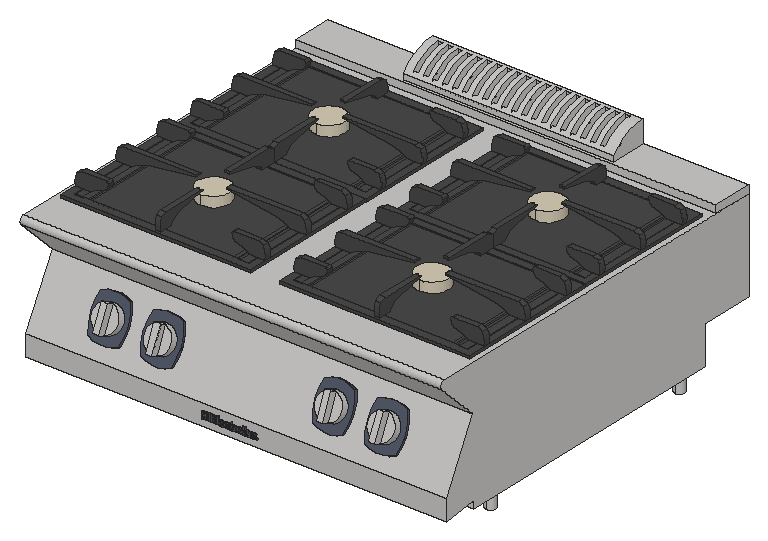
Revit family "QF_ELECTROLUXPROFESSIONAL_371001_E7GCGH4C00", category Specialty Equipment, Revit 2018
Family settings
  Round Connector Dimension = Use Diameter
  Part Type = Normal
  Work Plane-Based = No
  Always vertical = Yes
  Cut with Voids When Loaded = No
  Shared = No
  Room Calculation Point = No
Parameters
  Width = 800 mm  # constant formula
  Weight in Pounds = 88  # constant formula
  Watts = 0 W
  URL Cutsheet = "www.electrolux.com"
  URL = "www.electrolux.com"
  Type Mark [instance] = ""
  Status [instance] = ""
  Specification by User [instance] = ""
  Specification by Manufacturer = ""
  Show Logo [instance] = yes
  Show Clearance [instance] = yes
  Serial Number = ""
  Seismic Rating = ""
  SMACNA No = ""
  Revision Code [instance] = ""
  Omniclass Number and Title = ""
  NAFEM Spec ID Number = ""
  Model = "371001"
  Mechanical Remarks [instance] = ""
  Mechanical Connection Type [instance] = ""
  Masterspec = ""
  Manufacturer = "ELECTROLUX"
  Item Number [instance] = ""
  Installed By [instance] = ""
  Identify Quantity as Lot [instance] = yes
  Height = 250.8 mm  # constant formula
  HP = "0 HP"
  Gas Size = 12.7 mm  # 1/2"
  Gas RI Height [instance] = 0 mm
  Gas KW [instance] = 22  # constant formula
  Gas Input [instance] = 21979.7 VA  # 74998.0 Btu/h
  Gas Connection Height = 0 mm
  Furnished By [instance] = ""
  Foodservice Equipment Identifier [instance] = yes
  Direct Waste Size = 0"
  Description = "700XP 4-Burner Gas Boiling Top"
  Depth = 730 mm  # constant formula
  CSI MasterFormat = ""
  CSI Master Format = ""
  Assembly Code = ""
Reference planes
  plane 1 "BACK": y = 0
  plane 2: z = 0
  plane 3 "LEFT": x = 0
  plane 4 "RIGHT": x = 800
  plane 5 "FRONT": y = -730
  plane 6 "TOP": z = 303.188
  plane 7 "Center Y": x = 400
  plane 8 "Center X": y = -365
  plane 9 "Base Height": z = 23.813
  plane 10: z = 274.613
  plane 11: z = 331.787
Forms (mm)
  Extrusion 1, solid, material "QF_Finishes_Stainless Steel"
    sketch origin (0, 0, 0) x (0, 1, 0) y (0, 0, 1)
      loop
        line (0, 98.425) -> (0, 274.612) -> (-721.5, 274.612)
        arc (-721.5, 274.612) -> (-729.472, 269.285) -> (-727.602, 259.881) r 8.63
        line (-727.602, 259.881) -> (-654.039, 186.318) -> (-715.962, 68.584) -> (-715.962, 30.162) -> (-655.839, 38.612)
        arc (-655.839, 38.612) -> (-653.314, 37.864) -> (-652.222, 35.468) r 3.175
        line (-652.222, 35.468) -> (-652.222, 23.813) -> (-103.188, 23.813) -> (-103.188, 98.425) -> (0, 98.425)
    from 0 to 800
  Extrusion 2, solid, material "QF_Finishes_Stainless Steel"
    sketch origin (0, 0, 0) x (0, 1, 0) y (0, 0, 1)
      loop
        line (0, 274.612) -> (0, 288.9) -> (-76.2, 288.9) -> (-76.2, 274.612) -> (0, 274.612)
    from 0 to 800
  Extrusion 3, solid, material "QF_Finishes_Stainless Steel"
    sketch origin (0, 0, 0) x (1, 0, 0) y (0, 1, 0)
      loop
        circle (11.112, -149.225) r 9.525
      loop
        circle (788.888, -149.225) r 9.525
      loop
        circle (11.112, -598.488) r 9.525
      loop
        circle (788.888, -598.488) r 9.525
    from 0 to 23.812
  Extrusion 4, solid, material "QF_Finishes_Stainless Steel"
    sketch origin (0, -103.188, 23.813) x (0, 0, 1) y (1, 0, 0)
      loop
        circle (36.513, 400) r 6.35
    from 0 to 26.988
  Extrusion 5, solid, material "QF_Finishes_Navy Blue", visible <- "Show Logo"
    sketch origin (47.249, -715.962, 35.665) x (0, 0, 1) y (-1, 0, 0)
      loop
        line (20.674, -296.698) -> (8.307, -296.698)
        arc (8.307, -296.698) -> (14.491, -301.27) -> (20.674, -296.698) r 6.467
      loop
        arc (20.674, -296.069) -> (19.505, -290.926) -> (14.849, -288.448) r 6.338
        line (14.849, -288.448) -> (14.849, -290.494)
        arc (14.849, -290.494) -> (16.333, -294.149) -> (19.778, -296.069) r 5.941
        line (19.778, -296.069) -> (20.674, -296.069)
      loop
        arc (9.203, -296.069) -> (12.648, -294.149) -> (14.132, -290.494) r 5.941
        line (14.132, -290.494) -> (14.132, -288.448)
        arc (14.132, -288.448) -> (9.438, -290.922) -> (8.148, -296.069) r 6.504
        line (8.148, -296.069) -> (9.203, -296.069)
      loop
        line (21.349, -287.979) -> (7.604, -287.979) -> (7.604, -301.742) -> (21.349, -301.742) -> (21.349, -287.979)
      loop
        arc (21.432, -304.71) -> (21.085, -304.352) -> (20.718, -304.69) r 0.358
        arc (20.718, -304.69) -> (20.404, -305.44) -> (19.687, -305.825) r 1.216
        line (19.687, -305.825) -> (9.274, -305.825)
        arc (9.274, -305.825) -> (8.614, -305.548) -> (8.218, -304.951) r 1.238
        arc (8.218, -304.951) -> (7.823, -304.7) -> (7.518, -305.054) r 0.358
        line (7.518, -305.054) -> (7.518, -314.933) -> (10.269, -314.933) -> (10.269, -314.036)
        arc (10.269, -314.036) -> (9.36, -313.456) -> (8.904, -312.479) r 1.928
        line (8.904, -312.479) -> (8.904, -309.98)
        arc (8.904, -309.98) -> (9.18, -309.251) -> (9.868, -308.887) r 1.101
        line (9.868, -308.887) -> (13.955, -308.887) -> (13.955, -312.561)
        arc (13.955, -312.561) -> (13.602, -313.058) -> (13.037, -313.286) r 1.083
        arc (13.037, -313.286) -> (12.773, -313.591) -> (13.065, -313.869) r 0.292
        line (13.065, -313.869) -> (16.028, -313.869)
        arc (16.028, -313.869) -> (16.33, -313.596) -> (16.092, -313.266) r 0.305
        arc (16.092, -313.266) -> (15.601, -313.018) -> (15.296, -312.561) r 1.083
        line (15.296, -312.561) -> (15.296, -308.887) -> (19.973, -308.887) -> (19.973, -312.635)
        arc (19.973, -312.635) -> (19.759, -313.39) -> (19.153, -313.888) r 1.314
        arc (19.153, -313.888) -> (18.934, -314.292) -> (19.288, -314.585) r 0.361
        line (19.288, -314.585) -> (21.432, -314.585) -> (21.432, -304.71)
      loop
        arc (20.715, -315.365) -> (20.335, -316.284) -> (19.416, -316.664) r 1.299
        line (19.416, -316.664) -> (9.837, -316.664)
        arc (9.837, -316.664) -> (8.999, -316.286) -> (8.728, -315.408) r 1.118
        line (8.728, -315.408) -> (7.518, -315.408) -> (7.518, -320.758) -> (8.706, -320.758)
        arc (8.706, -320.758) -> (8.978, -319.841) -> (9.848, -319.445) r 1.153
        line (9.848, -319.445) -> (21.92, -319.445) -> (20.715, -315.365)
      loop
        line (12.483, -323.394) -> (12.483, -329.842) -> (13.282, -329.842)
        arc (13.282, -329.842) -> (15.862, -328.857) -> (17.131, -326.404) r 3.874
        line (17.131, -326.404) -> (17.131, -324.643)
        arc (17.131, -324.643) -> (15.944, -321.778) -> (13.08, -320.592) r 4.051
        line (13.08, -320.592) -> (11.072, -320.592)
        arc (11.072, -320.592) -> (8.253, -322.077) -> (7.202, -325.084) r 4.352
        arc (7.202, -325.084) -> (7.566, -327.547) -> (8.943, -329.621) r 5.713
        line (8.943, -329.621) -> (9.892, -329.621)
        arc (9.892, -329.621) -> (9.16, -328.052) -> (8.943, -326.334) r 5.579
        arc (8.943, -326.334) -> (9.737, -324.371) -> (11.616, -323.394) r 3.057
        line (11.616, -323.394) -> (12.483, -323.394)
      loop
        line (13.742, -323.394) -> (13.742, -326.977)
        arc (13.742, -326.977) -> (15.199, -327.024) -> (16.082, -325.864) r 1.59
        line (16.082, -325.864) -> (16.082, -325.034)
        arc (16.082, -325.034) -> (15.217, -323.779) -> (13.742, -323.394) r 2.184
      loop
        arc (16.533, -339.259) -> (17.022, -337.585) -> (17.179, -335.848) r 9.023
        line (17.179, -335.848) -> (17.179, -334.486)
        arc (17.179, -334.486) -> (16.02, -331.686) -> (13.22, -330.527) r 3.959
        line (13.22, -330.527) -> (10.62, -330.527)
        arc (10.62, -330.527) -> (8.338, -331.819) -> (7.221, -334.192) r 4.331
        line (7.221, -334.192) -> (7.221, -336.327)
        arc (7.221, -336.327) -> (7.729, -337.877) -> (8.651, -339.223) r 5.772
        arc (8.651, -339.223) -> (9.412, -339.274) -> (9.499, -338.515) r 0.553
        arc (9.499, -338.515) -> (9.111, -337.781) -> (8.977, -336.962) r 2.573
        line (8.977, -336.962) -> (8.977, -335.447)
        arc (8.977, -335.447) -> (9.983, -333.806) -> (11.798, -333.163) r 2.884
        line (11.798, -333.163) -> (13.077, -333.163)
        arc (13.077, -333.163) -> (14.898, -333.723) -> (15.824, -335.388) r 2.554
        line (15.824, -335.388) -> (15.824, -336.441)
        arc (15.824, -336.441) -> (15.493, -337.369) -> (14.836, -338.104) r 2.564
        arc (14.836, -338.104) -> (14.614, -338.821) -> (15.223, -339.259) r 0.643
        line (15.223, -339.259) -> (16.533, -339.259)
      loop
        line (15.515, -339.53) -> (15.515, -341.031) -> (9.467, -341.031)
        arc (9.467, -341.031) -> (7.879, -341.688) -> (7.221, -343.276) r 2.246
        line (7.221, -343.276) -> (7.221, -344.86)
        arc (7.221, -344.86) -> (7.535, -345.725) -> (8.035, -346.496) r 4.06
        arc (8.035, -346.496) -> (8.768, -346.629) -> (9.019, -345.928) r 0.576
        arc (9.019, -345.928) -> (8.913, -345.403) -> (8.977, -344.87) r 1.69
        arc (8.977, -344.87) -> (9.519, -344.082) -> (10.425, -343.779) r 1.506
        line (10.425, -343.779) -> (15.563, -343.779) -> (15.563, -346.176) -> (16.119, -346.733) -> (16.941, -346.733) -> (16.941, -343.873) -> (20.172, -343.873) -> (15.515, -339.53)
      loop
        line (7.438, -347.63) -> (7.438, -353.017) -> (8.548, -353.017)
        arc (8.548, -353.017) -> (8.942, -352.066) -> (9.893, -351.672) r 1.345
        line (9.893, -351.672) -> (13.509, -351.672)
        arc (13.509, -351.672) -> (14.274, -352.264) -> (14.564, -353.186) r 1.615
        line (14.564, -353.186) -> (14.564, -354.742) -> (17.119, -355.427) -> (17.119, -354.044) -> (15.177, -351.485) -> (17.057, -351.485) -> (16.773, -348.779)
        arc (16.773, -348.779) -> (16.333, -348.249) -> (15.674, -348.45) r 0.621
        arc (15.674, -348.45) -> (15.274, -348.792) -> (14.78, -348.975) r 1.501
        line (14.78, -348.975) -> (9.893, -348.975)
        arc (9.893, -348.975) -> (8.942, -348.581) -> (8.548, -347.63) r 1.345
        line (8.548, -347.63) -> (7.438, -347.63)
      loop
        line (13.54, -354.964) -> (10.848, -354.964)
        arc (10.848, -354.964) -> (8.403, -356.272) -> (7.269, -358.803) r 4.288
        arc (7.269, -358.803) -> (7.205, -360.183) -> (7.269, -361.563) r 15.022
        arc (7.269, -361.563) -> (8.403, -364.094) -> (10.848, -365.401) r 4.288
        line (10.848, -365.401) -> (13.54, -365.401)
        arc (13.54, -365.401) -> (15.986, -364.094) -> (17.119, -361.563) r 4.288
        arc (17.119, -361.563) -> (17.183, -360.183) -> (17.119, -358.803) r 15.022
        arc (17.119, -358.803) -> (15.986, -356.272) -> (13.54, -354.964) r 4.288
      loop
        line (13.745, -358.078) -> (10.643, -358.078)
        arc (10.643, -358.078) -> (8.486, -360.235) -> (10.643, -362.392) r 2.157
        line (10.643, -362.392) -> (13.745, -362.392)
        arc (13.745, -362.392) -> (15.902, -360.235) -> (13.745, -358.078) r 2.157
      loop
        arc (20.726, -365.26) -> (20.355, -366.154) -> (19.461, -366.524) r 1.264
        line (19.461, -366.524) -> (9.597, -366.524)
        arc (9.597, -366.524) -> (8.727, -366.127) -> (8.455, -365.211) r 1.153
        line (8.455, -365.211) -> (7.518, -365.211) -> (7.518, -370.319) -> (8.446, -370.319)
        arc (8.446, -370.319) -> (8.805, -369.547) -> (9.597, -369.232) r 1.153
        line (9.597, -369.232) -> (21.92, -369.232) -> (20.726, -365.26)
      loop
        arc (15.846, -369.857) -> (15.647, -370.921) -> (14.678, -371.403) r 1.215
        line (14.678, -371.403) -> (9.658, -371.403)
        arc (9.658, -371.403) -> (8.043, -372.051) -> (7.322, -373.634) r 2.338
        line (7.322, -373.634) -> (7.322, -375.148)
        arc (7.322, -375.148) -> (7.497, -376.152) -> (7.999, -377.038) r 2.979
        line (7.999, -377.038) -> (7.518, -378.835) -> (7.518, -380.524) -> (16.943, -380.524) -> (16.649, -376.32) -> (15.863, -376.32)
        arc (15.863, -376.32) -> (15.507, -377.156) -> (14.755, -377.665) r 1.605
        line (14.755, -377.665) -> (9.652, -377.665)
        arc (9.652, -377.665) -> (9.232, -376.728) -> (9.159, -375.704) r 2.94
        arc (9.159, -375.704) -> (9.72, -374.603) -> (10.873, -374.16) r 1.724
        line (10.873, -374.16) -> (17.07, -374.16) -> (15.846, -369.857)
      loop
        line (16.874, -381.377) -> (15.202, -383.423) -> (12.028, -385.729) -> (8.572, -382.617)
        arc (8.572, -382.617) -> (8.335, -382.223) -> (8.357, -381.764) r 0.789
        line (8.357, -381.764) -> (7.518, -381.764) -> (7.518, -385.309) -> (8.344, -385.309)
        arc (8.344, -385.309) -> (8.686, -384.947) -> (9.176, -385.039) r 0.52
        line (9.176, -385.039) -> (10.976, -386.51) -> (8.858, -387.886)
        arc (8.858, -387.886) -> (8.457, -387.576) -> (8.37, -387.076) r 0.7
        line (8.37, -387.076) -> (7.518, -387.076) -> (7.518, -393.003) -> (8.405, -393.003)
        arc (8.405, -393.003) -> (8.472, -392.344) -> (8.866, -391.813) r 1.247
        line (8.866, -391.813) -> (13.066, -388.532) -> (15.513, -390.585) -> (16.874, -392.327) -> (16.874, -388.604) -> (15.389, -389.026) -> (13.868, -387.749) -> (15.568, -386.559) -> (16.874, -387.336) -> (16.874, -381.377)
    from 0 to 1.644
  Extrusion 6, solid, material "QF_Finishes_Clearance", visible <- "Show Clearance", detail levels coarse
    sketch origin (0, 0, 0) x (1, 0, 0) y (0, 1, 0)
      loop
        line (0, -730) -> (0, 0) -> (800, 0) -> (800, -730) -> (950, -730) -> (950, 150) -> (-150, 150) -> (-150, -730) -> (0, -730)
    from 0 to 331.787
  Extrusion 7, solid, material "QF_Finishes_Navy Blue"
    sketch origin (-402.256, -713.772, 69.003) x (0, 0.418102, 0.9084) y (-1, 0, 0)
      loop
        arc (102.623, -510.47) -> (67.041, -502.846) -> (31.333, -509.853) r 90.5
        arc (31.333, -509.853) -> (24.507, -539.04) -> (31.333, -568.228) r 65.817
        arc (31.333, -568.228) -> (67.04, -575.188) -> (102.623, -567.615) r 91.066
        arc (102.623, -567.615) -> (109.179, -539.043) -> (102.623, -510.47) r 65.546
    from 0 to 3.175
  Extrusion 8, solid, material "QF_Finishes_Stainless Steel"
    sketch origin (-23.506, -717.485, 68.529) x (0, 0.418102, 0.9084) y (-1, 0, 0)
      loop
        circle (68.826, -160.963) r 25.4
    from 0 to 12.7
  Extrusion 9, solid, material "QF_Finishes_Stainless Steel"
    sketch origin (-23.506, -729.022, 73.839) x (0, 0.418102, 0.9084) y (-1, 0, 0)
      loop
        arc (93.558, -166.749) -> (94.226, -160.963) -> (93.558, -155.177) r 25.4
        line (93.558, -155.177) -> (44.094, -155.177)
        arc (44.094, -155.177) -> (43.426, -160.963) -> (44.094, -166.749) r 25.4
        line (44.094, -166.749) -> (93.558, -166.749)
    from 0 to 12.7
  Extrusion 10, solid, material "QF_Finishes_Navy Blue"
    sketch origin (-302.256, -713.772, 69.003) x (0, 0.418102, 0.9084) y (-1, 0, 0)
      loop
        arc (102.623, -510.47) -> (67.041, -502.846) -> (31.333, -509.853) r 90.5
        arc (31.333, -509.853) -> (24.507, -539.04) -> (31.333, -568.228) r 65.817
        arc (31.333, -568.228) -> (67.04, -575.188) -> (102.623, -567.615) r 91.066
        arc (102.623, -567.615) -> (109.179, -539.043) -> (102.623, -510.47) r 65.546
    from 0 to 3.175
  Extrusion 11, solid, material "QF_Finishes_Stainless Steel"
    sketch origin (76.494, -717.485, 68.529) x (0, 0.418102, 0.9084) y (-1, 0, 0)
      loop
        circle (68.826, -160.963) r 25.4
    from 0 to 12.7
  Extrusion 12, solid, material "QF_Finishes_Stainless Steel"
    sketch origin (76.494, -729.022, 73.839) x (0, 0.418102, 0.9084) y (-1, 0, 0)
      loop
        arc (93.558, -166.749) -> (94.226, -160.963) -> (93.558, -155.177) r 25.4
        line (93.558, -155.177) -> (44.094, -155.177)
        arc (44.094, -155.177) -> (43.426, -160.963) -> (44.094, -166.749) r 25.4
        line (44.094, -166.749) -> (93.558, -166.749)
    from 0 to 12.7
  Extrusion 13, void
    sketch origin (234.989, 0, 288.925) x (-1, 0, 0) y (0, -1, 0)
      loop
        line (-335.017, 6.761) -> (-335.017, 63.911) -> (-344.313, 63.911) -> (-344.313, 6.761) -> (-335.017, 6.761)
      loop
        line (-316.325, 6.761) -> (-316.325, 63.911) -> (-325.62, 63.911) -> (-325.62, 6.761) -> (-316.325, 6.761)
      loop
        line (-297.632, 6.761) -> (-297.632, 63.911) -> (-306.928, 63.911) -> (-306.928, 6.761) -> (-297.632, 6.761)
      loop
        line (-278.94, 6.761) -> (-278.94, 63.911) -> (-288.235, 63.911) -> (-288.235, 6.761) -> (-278.94, 6.761)
      loop
        line (-260.247, 6.761) -> (-260.247, 63.911) -> (-269.543, 63.911) -> (-269.543, 6.761) -> (-260.247, 6.761)
      loop
        line (-241.554, 6.761) -> (-241.554, 63.911) -> (-250.85, 63.911) -> (-250.85, 6.761) -> (-241.554, 6.761)
      loop
        line (-222.862, 6.761) -> (-222.862, 63.911) -> (-232.157, 63.911) -> (-232.157, 6.761) -> (-222.862, 6.761)
      loop
        line (-204.169, 6.761) -> (-204.169, 63.911) -> (-213.465, 63.911) -> (-213.465, 6.761) -> (-204.169, 6.761)
      loop
        line (-185.476, 6.761) -> (-185.476, 63.911) -> (-194.772, 63.911) -> (-194.772, 6.761) -> (-185.476, 6.761)
      loop
        line (-166.784, 6.761) -> (-166.784, 63.911) -> (-176.08, 63.911) -> (-176.08, 6.761) -> (-166.784, 6.761)
      loop
        line (-148.091, 6.761) -> (-148.091, 63.911) -> (-157.387, 63.911) -> (-157.387, 6.761) -> (-148.091, 6.761)
      loop
        line (-129.399, 6.761) -> (-129.399, 63.911) -> (-138.694, 63.911) -> (-138.694, 6.761) -> (-129.399, 6.761)
      loop
        line (-110.706, 6.761) -> (-110.706, 63.911) -> (-120.002, 63.911) -> (-120.002, 6.761) -> (-110.706, 6.761)
      loop
        line (-92.013, 6.761) -> (-92.013, 63.911) -> (-101.309, 63.911) -> (-101.309, 6.761) -> (-92.013, 6.761)
      loop
        line (-73.321, 6.761) -> (-73.321, 63.911) -> (-82.617, 63.911) -> (-82.617, 6.761) -> (-73.321, 6.761)
      loop
        line (-54.628, 6.761) -> (-54.628, 63.911) -> (-63.924, 63.911) -> (-63.924, 6.761) -> (-54.628, 6.761)
      loop
        line (-35.936, 6.761) -> (-35.936, 63.911) -> (-45.231, 63.911) -> (-45.231, 6.761) -> (-35.936, 6.761)
      loop
        line (-17.243, 6.761) -> (-17.243, 63.911) -> (-26.539, 63.911) -> (-26.539, 6.761) -> (-17.243, 6.761)
      loop
        line (1.45, 6.761) -> (1.45, 63.911) -> (-7.846, 63.911) -> (-7.846, 6.761) -> (1.45, 6.761)
      loop
        line (20.142, 6.761) -> (20.142, 63.911) -> (10.846, 63.911) -> (10.846, 6.761) -> (20.142, 6.761)
    from 9.525 to 45.348
  Extrusion 14, solid, material "QF_Finishes_Stainless Steel"
    sketch origin (200, 0, 14.288) x (0, 1, 0) y (0, 0, 1)
      loop
        line (0, 274.613) -> (0, 317.5)
        arc (0, 317.5) -> (-38.885, 309.109) -> (-69.85, 284.137) r 86.116
        line (-69.85, 284.137) -> (-69.85, 274.613) -> (0, 274.613)
    from 0 to 400
  Extrusion 15, solid, material "QF_Finishes_Navy Blue"
    sketch origin (1202.256, -713.772, 69.003) x (0, 0.418102, 0.9084) y (-1, 0, 0)
      loop
        arc (102.623, 510.47) -> (109.179, 539.043) -> (102.623, 567.615) r 65.546
        arc (102.623, 567.615) -> (67.04, 575.188) -> (31.333, 568.228) r 91.066
        arc (31.333, 568.228) -> (24.507, 539.04) -> (31.333, 509.853) r 65.817
        arc (31.333, 509.853) -> (67.041, 502.846) -> (102.623, 510.47) r 90.5
    from 0 to 3.175
  Extrusion 16, solid, material "QF_Finishes_Stainless Steel"
    sketch origin (1581.006, -717.485, 68.529) x (0, 0.418102, 0.9084) y (-1, 0, 0)
      loop
        circle (68.826, 918.463) r 25.4
    from 0 to 12.7
  Extrusion 17, solid, material "QF_Finishes_Stainless Steel"
    sketch origin (1581.006, -729.022, 73.839) x (0, 0.418102, 0.9084) y (-1, 0, 0)
      loop
        line (93.558, 924.249) -> (44.094, 924.249)
        arc (44.094, 924.249) -> (43.426, 918.463) -> (44.094, 912.677) r 25.4
        line (44.094, 912.677) -> (93.558, 912.677)
        arc (93.558, 912.677) -> (94.226, 918.463) -> (93.558, 924.249) r 25.4
    from 0 to 12.7
  Extrusion 18, solid, material "QF_Finishes_Navy Blue"
    sketch origin (1102.256, -713.772, 69.003) x (0, 0.418102, 0.9084) y (-1, 0, 0)
      loop
        arc (102.623, 510.47) -> (109.179, 539.043) -> (102.623, 567.615) r 65.546
        arc (102.623, 567.615) -> (67.04, 575.188) -> (31.333, 568.228) r 91.066
        arc (31.333, 568.228) -> (24.507, 539.04) -> (31.333, 509.853) r 65.817
        arc (31.333, 509.853) -> (67.041, 502.846) -> (102.623, 510.47) r 90.5
    from 0 to 3.175
  Extrusion 19, solid, material "QF_Finishes_Stainless Steel"
    sketch origin (1481.006, -717.485, 68.529) x (0, 0.418102, 0.9084) y (-1, 0, 0)
      loop
        circle (68.826, 918.463) r 25.4
    from 0 to 12.7
  Extrusion 20, solid, material "QF_Finishes_Stainless Steel"
    sketch origin (1481.006, -729.022, 73.839) x (0, 0.418102, 0.9084) y (-1, 0, 0)
      loop
        line (93.558, 924.249) -> (44.094, 924.249)
        arc (44.094, 924.249) -> (43.426, 918.463) -> (44.094, 912.677) r 25.4
        line (44.094, 912.677) -> (93.558, 912.677)
        arc (93.558, 912.677) -> (94.226, 918.463) -> (93.558, 924.249) r 25.4
    from 0 to 12.7
Cuts and joins
  Extrusion 13 cuts Extrusion 6
  Extrusion 13 cuts Extrusion 14
Lines and regions (mm)
  symbolic lines
    curve 1: line (0, -730.129, 0) -> (800, -730.129, 0)
    curve 2: line (0, 0, 0) -> (0, -730.129, 0)
    curve 3: line (800, 0, 0) -> (0, 0, 0)
    curve 4: line (800, -730.129, 0) -> (800, 0, 0)
    curve 5: line (0, -76.2, 0) -> (800, -76.2, 0)
    curve 6: line (0, -69.85, 0) -> (800, -69.85, 0)
    curve 7: line (0, -715.962, 0) -> (800, -715.963, 0)
    curve 11: line (214.847, -63.911, 0) -> (214.847, -6.761, 0)
    curve 12: line (214.847, -6.761, 0) -> (224.143, -6.761, 0)
    curve 13: line (224.143, -6.761, 0) -> (224.143, -63.911, 0)
    curve 14: line (224.143, -63.911, 0) -> (214.847, -63.911, 0)
    curve 15: line (233.539, -63.911, 0) -> (233.539, -6.761, 0)
    curve 16: line (233.539, -6.761, 0) -> (242.835, -6.761, 0)
    curve 17: line (242.835, -6.761, 0) -> (242.835, -63.911, 0)
    curve 18: line (242.835, -63.911, 0) -> (233.539, -63.911, 0)
    curve 19: line (252.232, -63.911, 0) -> (252.232, -6.761, 0)
    curve 20: line (252.232, -6.761, 0) -> (261.528, -6.761, 0)
    curve 21: line (261.528, -6.761, 0) -> (261.528, -63.911, 0)
    curve 22: line (261.528, -63.911, 0) -> (252.232, -63.911, 0)
    curve 23: line (270.925, -63.911, 0) -> (270.925, -6.761, 0)
    curve 24: line (270.925, -6.761, 0) -> (280.22, -6.761, 0)
    curve 25: line (280.22, -6.761, 0) -> (280.22, -63.911, 0)
    curve 26: line (280.22, -63.911, 0) -> (270.925, -63.911, 0)
    curve 27: line (289.617, -63.911, 0) -> (289.617, -6.761, 0)
    curve 28: line (289.617, -6.761, 0) -> (298.913, -6.761, 0)
    curve 29: line (298.913, -6.761, 0) -> (298.913, -63.911, 0)
    curve 30: line (298.913, -63.911, 0) -> (289.617, -63.911, 0)
    curve 31: line (308.31, -63.911, 0) -> (308.31, -6.761, 0)
    curve 32: line (308.31, -6.761, 0) -> (317.606, -6.761, 0)
    curve 33: line (317.606, -6.761, 0) -> (317.606, -63.911, 0)
    curve 34: line (317.606, -63.911, 0) -> (308.31, -63.911, 0)
    curve 35: line (327.002, -63.911, 0) -> (327.002, -6.761, 0)
    curve 36: line (327.002, -6.761, 0) -> (336.298, -6.761, 0)
    curve 37: line (336.298, -6.761, 0) -> (336.298, -63.911, 0)
    curve 38: line (336.298, -63.911, 0) -> (327.002, -63.911, 0)
    curve 39: line (345.695, -63.911, 0) -> (345.695, -6.761, 0)
    curve 40: line (345.695, -6.761, 0) -> (354.991, -6.761, 0)
    curve 41: line (354.991, -6.761, 0) -> (354.991, -63.911, 0)
    curve 42: line (354.991, -63.911, 0) -> (345.695, -63.911, 0)
    curve 43: line (364.388, -63.911, 0) -> (364.388, -6.761, 0)
    curve 44: line (364.388, -6.761, 0) -> (373.683, -6.761, 0)
    curve 45: line (373.683, -6.761, 0) -> (373.683, -63.911, 0)
    curve 46: line (373.683, -63.911, 0) -> (364.388, -63.911, 0)
    curve 47: line (383.08, -63.911, 0) -> (383.08, -6.761, 0)
    curve 48: line (383.08, -6.761, 0) -> (392.376, -6.761, 0)
    curve 49: line (392.376, -6.761, 0) -> (392.376, -63.911, 0)
    curve 50: line (392.376, -63.911, 0) -> (383.08, -63.911, 0)
    curve 51: line (401.773, -63.911, 0) -> (401.773, -6.761, 0)
    curve 52: line (401.773, -6.761, 0) -> (411.069, -6.761, 0)
    curve 53: line (411.069, -6.761, 0) -> (411.069, -63.911, 0)
    curve 54: line (411.069, -63.911, 0) -> (401.773, -63.911, 0)
    curve 55: line (420.466, -63.911, 0) -> (420.466, -6.761, 0)
    curve 56: line (420.466, -6.761, 0) -> (429.761, -6.761, 0)
    curve 57: line (429.761, -6.761, 0) -> (429.761, -63.911, 0)
    curve 58: line (429.761, -63.911, 0) -> (420.466, -63.911, 0)
    curve 59: line (439.158, -63.911, 0) -> (439.158, -6.761, 0)
    curve 60: line (439.158, -6.761, 0) -> (448.454, -6.761, 0)
    curve 61: line (448.454, -6.761, 0) -> (448.454, -63.911, 0)
    curve 62: line (448.454, -63.911, 0) -> (439.158, -63.911, 0)
    curve 63: line (570.006, -63.911, 0) -> (570.006, -6.761, 0)
    curve 64: line (570.006, -6.761, 0) -> (579.302, -6.761, 0)
    curve 65: line (579.302, -6.761, 0) -> (579.302, -63.911, 0)
    curve 66: line (579.302, -63.911, 0) -> (570.006, -63.911, 0)
    curve 67: line (551.314, -63.911, 0) -> (551.314, -6.761, 0)
    curve 68: line (551.314, -6.761, 0) -> (560.61, -6.761, 0)
    curve 69: line (560.61, -6.761, 0) -> (560.61, -63.911, 0)
    curve 70: line (560.61, -63.911, 0) -> (551.314, -63.911, 0)
    curve 71: line (532.621, -63.911, 0) -> (532.621, -6.761, 0)
    curve 72: line (532.621, -6.761, 0) -> (541.917, -6.761, 0)
    curve 73: line (541.917, -6.761, 0) -> (541.917, -63.911, 0)
    curve 74: line (541.917, -63.911, 0) -> (532.621, -63.911, 0)
    curve 75: line (513.929, -63.911, 0) -> (513.929, -6.761, 0)
    curve 76: line (513.929, -6.761, 0) -> (523.224, -6.761, 0)
    curve 77: line (523.224, -6.761, 0) -> (523.224, -63.911, 0)
    curve 78: line (523.224, -63.911, 0) -> (513.929, -63.911, 0)
    curve 79: line (495.236, -63.911, 0) -> (495.236, -6.761, 0)
    curve 80: line (495.236, -6.761, 0) -> (504.532, -6.761, 0)
    curve 81: line (504.532, -6.761, 0) -> (504.532, -63.911, 0)
    curve 82: line (504.532, -63.911, 0) -> (495.236, -63.911, 0)
    curve 83: line (476.543, -63.911, 0) -> (476.543, -6.761, 0)
    curve 84: line (476.543, -6.761, 0) -> (485.839, -6.761, 0)
    curve 85: line (485.839, -6.761, 0) -> (485.839, -63.911, 0)
    curve 86: line (485.839, -63.911, 0) -> (476.543, -63.911, 0)
    curve 87: line (457.851, -63.911, 0) -> (457.851, -6.761, 0)
    curve 88: line (457.851, -6.761, 0) -> (467.146, -6.761, 0)
    curve 89: line (467.146, -6.761, 0) -> (467.146, -63.911, 0)
    curve 90: line (467.146, -63.911, 0) -> (457.851, -63.911, 0)
  symbolic lines, style "QF-Clearances", visible <- "Show Clearance", detail levels coarse
    curve 8: line (-150, -730, 0) -> (-150, 150, 0)
    curve 9: line (-150, 150, 0) -> (950, 150, 0)
    curve 10: line (950, 150, 0) -> (950, -730, 0)
Dimensions and locks
  equal spacing: plane 3 "LEFT", plane 7 "Center Y", plane 4 "RIGHT"
  "Width": plane 3 "LEFT" to plane 4 "RIGHT"
  equal spacing: plane 5 "FRONT", plane 8 "Center X", plane 1 "BACK"
  "Depth": plane 5 "FRONT" to plane 1 "BACK"
  plane 9 "Base Height" to level = 23.812 mm
  "Height": plane 10 to plane 9 "Base Height"
  plane 6 "TOP" to plane 10 = 28.575 mm
  plane 11 to level = 331.788 mm
  aligned and locked: level to plane 2
Automatic sketch dimensions
  plane 5 "FRONT" to curve 8 = 0 mm
  curve 2 to plane 3 "LEFT" = 0 mm
  curve 5 to plane 4 "RIGHT" = 0 mm
  plane 5 "FRONT" to curve 10 = 0 mm
  plane 1 "BACK" to curve 3 = 0 mm
  curve 8 to plane 3 "LEFT" = 150 mm
  plane 1 "BACK" to curve 14 = 63.911 mm
  curve 14 to plane 7 "Center Y" = 185.153 mm
  curve 11 to curve 12 = 9.296 mm
  curve 12 to curve 16 = 9.397 mm
  curve 15 to curve 17 = 9.296 mm
  curve 17 to curve 22 = 9.397 mm
  curve 19 to curve 21 = 9.296 mm
  curve 20 to curve 23 = 9.397 mm
  curve 23 to curve 25 = 9.296 mm
  curve 24 to curve 27 = 9.397 mm
  curve 27 to curve 30 = 9.296 mm
  curve 29 to curve 31 = 9.397 mm
  curve 31 to curve 33 = 9.296 mm
  curve 33 to curve 38 = 9.397 mm
  curve 35 to curve 38 = 9.296 mm
  curve 37 to curve 42 = 9.397 mm
  curve 39 to curve 41 = 9.296 mm
  curve 40 to curve 43 = 9.397 mm
  curve 43 to curve 45 = 9.296 mm
  curve 44 to curve 48 = 9.397 mm
  curve 49 to plane 7 "Center Y" = 7.624 mm
  plane 7 "Center Y" to curve 54 = 1.773 mm
  curve 51 to curve 53 = 9.296 mm
  curve 52 to curve 56 = 9.397 mm
  curve 55 to curve 57 = 9.296 mm
  curve 56 to curve 59 = 9.397 mm
  curve 59 to curve 60 = 9.296 mm
  curve 60 to curve 87 = 9.397 mm
  curve 87 to curve 88 = 9.296 mm
  curve 88 to curve 84 = 9.397 mm
  curve 83 to curve 85 = 9.296 mm
  curve 84 to curve 80 = 9.397 mm
  curve 79 to curve 82 = 9.296 mm
  curve 81 to curve 78 = 9.397 mm
  curve 75 to curve 77 = 9.296 mm
  curve 77 to curve 71 = 9.397 mm
  curve 71 to curve 73 = 9.296 mm
  curve 73 to curve 67 = 9.397 mm
  curve 67 to curve 68 = 9.296 mm
  curve 68 to curve 63 = 9.397 mm
  curve 63 to curve 66 = 9.296 mm
  plane 4 "RIGHT" to curve 10 = 150 mm
  plane 5 "FRONT" to curve 2 = 0.129 mm
  curve 7 to plane 5 "FRONT" = 14.038 mm
  plane 1 "BACK" to curve 5 = 76.2 mm
  curve 5 to curve 6 = 6.35 mm
  plane 1 "BACK" to curve 87 = 63.911 mm
  curve 89 to curve 86 = 0 mm
  curve 85 to curve 82 = 0 mm
  curve 81 to curve 78 = 0 mm
  curve 13 to curve 15 = 0 mm
  curve 77 to curve 74 = 0 mm
  curve 17 to curve 19 = 0 mm
  curve 73 to curve 70 = 0 mm
  curve 21 to curve 23 = 0 mm
  curve 69 to curve 66 = 0 mm
  curve 25 to curve 27 = 0 mm
  curve 62 to curve 87 = 0 mm
  curve 29 to curve 31 = 0 mm
  curve 58 to curve 59 = 0 mm
  curve 33 to curve 35 = 0 mm
  curve 54 to curve 55 = 0 mm
  curve 37 to curve 39 = 0 mm
  curve 50 to curve 51 = 0 mm
  curve 41 to curve 43 = 0 mm
  plane 1 "BACK" to curve 45 = 6.761 mm
  plane 1 "BACK" to curve 47 = 6.761 mm
  plane 1 "BACK" to curve 41 = 6.761 mm
  plane 1 "BACK" to curve 51 = 6.761 mm
  plane 1 "BACK" to curve 37 = 6.761 mm
  plane 1 "BACK" to curve 55 = 6.761 mm
  plane 1 "BACK" to curve 33 = 6.761 mm
  plane 1 "BACK" to curve 59 = 6.761 mm
  plane 1 "BACK" to curve 29 = 6.761 mm
  plane 1 "BACK" to curve 63 = 6.761 mm
  plane 1 "BACK" to curve 25 = 6.761 mm
  plane 1 "BACK" to curve 67 = 6.761 mm
  plane 1 "BACK" to curve 21 = 6.761 mm
  plane 1 "BACK" to curve 71 = 6.761 mm
  plane 1 "BACK" to curve 17 = 6.761 mm
  plane 1 "BACK" to curve 75 = 6.761 mm
  plane 1 "BACK" to curve 13 = 6.761 mm
  plane 1 "BACK" to curve 79 = 6.761 mm
  plane 1 "BACK" to curve 89 = 6.761 mm
  plane 1 "BACK" to curve 83 = 6.761 mm
  curve 9 to plane 1 "BACK" = 150 mm
  Extrusion 1 sketch curve to plane 10 = 0 mm
  Extrusion 1 sketch curve to plane 9 "Base Height" = 0 mm
  Extrusion 1 sketch curve to plane 1 "BACK" = 0 mm
  Extrusion 1 sketch curve to Extrusion 1 sketch curve = 103.188 mm
  plane 9 "Base Height" to Extrusion 1 sketch curve = 11.656 mm
  Extrusion 1 sketch curve to plane 5 "FRONT" = 77.778 mm
  Extrusion 1 sketch curve to plane 5 "FRONT" = 75.961 mm
  Extrusion 1 sketch curve to Extrusion 1 sketch curve = 3.175 mm
  plane 9 "Base Height" to Extrusion 1 sketch curve = 14.8 mm
  plane 9 "Base Height" to Extrusion 1 sketch curve = 6.35 mm
  Extrusion 1 sketch curve to plane 5 "FRONT" = 14.038 mm
  Extrusion 1 sketch curve to plane 5 "FRONT" = 8.5 mm
  Extrusion 1 sketch curve to plane 5 "FRONT" = 2.398 mm
  Extrusion 1 sketch curve to Extrusion 1 sketch curve = 38.422 mm
  plane 9 "Base Height" to Extrusion 1 sketch curve = 74.612 mm
  Extrusion 1 sketch curve to plane 10 = 88.295 mm
  Extrusion 1 sketch curve to plane 10 = 14.732 mm
  Extrusion 2 sketch curve to plane 10 = 0 mm
  Extrusion 2 sketch curve to plane 1 "BACK" = 0 mm
  Extrusion 2 sketch curve to plane 6 "TOP" = 14.287 mm
  plane 1 "BACK" to Extrusion 2 sketch curve = 76.2 mm
  Extrusion 3 sketch curve to Extrusion 3 sketch curve = 0 mm  (x8)
  plane 3 "LEFT" to Extrusion 3 sketch curve = 11.112 mm  (x2)
  Extrusion 3 sketch curve to plane 4 "RIGHT" = 11.112 mm  (x2)
  Extrusion 3 sketch curve to plane 5 "FRONT" = 121.987 mm  (x2)
  Extrusion 3 sketch curve to Extrusion 3 sketch curve = 9.525 mm  (x4)
  plane 1 "BACK" to Extrusion 3 sketch curve = 158.75 mm  (x2)
  Extrusion 1 to Extrusion 4 sketch curve = 36.513 mm
  Extrusion 1 to Extrusion 4 sketch curve = 400 mm
  plane 7 "Center Y" to Extrusion 5 sketch curve = 7.432 mm
  plane 9 "Base Height" to Extrusion 5 sketch curve = 14.013 mm
  plane 9 "Base Height" to Extrusion 5 sketch curve = 19.054 mm
  Extrusion 5 sketch curve to plane 7 "Center Y" = 7.891 mm
  Extrusion 5 sketch curve to Extrusion 5 sketch curve = 5.06 mm
  Extrusion 5 sketch curve to Extrusion 5 sketch curve = 0 mm  (x28)
  Extrusion 5 sketch curve to Extrusion 5 sketch curve = 5.108 mm  (x2)
  Extrusion 5 sketch curve to Extrusion 5 sketch curve = 0.054 mm
  Extrusion 5 sketch curve to Extrusion 5 sketch curve = 0.218 mm
  Extrusion 5 sketch curve to Extrusion 5 sketch curve = 0.195 mm
  Extrusion 5 sketch curve to Extrusion 5 sketch curve = 0.249 mm
  plane 9 "Base Height" to Extrusion 5 sketch curve = 19.371 mm
  Extrusion 5 sketch curve to Extrusion 5 sketch curve = 0.087 mm
  Extrusion 5 sketch curve to Extrusion 5 sketch curve = 0.358 mm
  Extrusion 5 sketch curve to Extrusion 5 sketch curve = 0.481 mm
  Extrusion 5 sketch curve to Extrusion 5 sketch curve = 0.597 mm
  Extrusion 5 sketch curve to Extrusion 5 sketch curve = 0.544 mm
  Extrusion 5 sketch curve to Extrusion 5 sketch curve = 0.936 mm
  Extrusion 5 sketch curve to Extrusion 5 sketch curve = 0.594 mm
  Extrusion 5 sketch curve to Extrusion 5 sketch curve = 0.343 mm
  Extrusion 5 sketch curve to Extrusion 5 sketch curve = 0.159 mm
  Extrusion 5 sketch curve to Extrusion 5 sketch curve = 0.826 mm
  Extrusion 5 sketch curve to Extrusion 5 sketch curve = 0.839 mm
  Extrusion 5 sketch curve to Extrusion 5 sketch curve = 0.852 mm
  Extrusion 5 sketch curve to Extrusion 5 sketch curve = 0.887 mm
  Extrusion 5 sketch curve to Extrusion 5 sketch curve = 0.928 mm
  Extrusion 5 sketch curve to Extrusion 5 sketch curve = 0.938 mm
  Extrusion 5 sketch curve to Extrusion 5 sketch curve = 0.444 mm
  Extrusion 5 sketch curve to Extrusion 5 sketch curve = 1.11 mm  (x3)
  plane 7 "Center Y" to Extrusion 5 sketch curve = 0.266 mm
  Extrusion 5 sketch curve to Extrusion 5 sketch curve = 0.215 mm
  Extrusion 5 sketch curve to Extrusion 5 sketch curve = 1.43 mm
  Extrusion 5 sketch curve to Extrusion 5 sketch curve = 1.188 mm
  Extrusion 5 sketch curve to Extrusion 5 sketch curve = 1.21 mm  (x2)
  Extrusion 5 sketch curve to Extrusion 5 sketch curve = 0.503 mm
  Extrusion 5 sketch curve to Extrusion 5 sketch curve = 0.488 mm
  Extrusion 5 sketch curve to Extrusion 5 sketch curve = 0.462 mm
  Extrusion 5 sketch curve to Extrusion 5 sketch curve = 1.386 mm
  Extrusion 5 sketch curve to Extrusion 5 sketch curve = 1.742 mm  (x2)
  Extrusion 5 sketch curve to Extrusion 5 sketch curve = 0.821 mm
  Extrusion 5 sketch curve to Extrusion 5 sketch curve = 0.497 mm
  Extrusion 5 sketch curve to Extrusion 5 sketch curve = 0.539 mm
  Extrusion 5 sketch curve to Extrusion 5 sketch curve = 0.686 mm
  Extrusion 5 sketch curve to Extrusion 5 sketch curve = 0.408 mm
  Extrusion 5 sketch curve to Extrusion 5 sketch curve = 0.743 mm
  Extrusion 5 sketch curve to Extrusion 5 sketch curve = 1.16 mm
  Extrusion 5 sketch curve to Extrusion 5 sketch curve = 0.329 mm
  Extrusion 5 sketch curve to Extrusion 5 sketch curve = 1.054 mm
  Extrusion 5 sketch curve to Extrusion 5 sketch curve = 1.056 mm
  Extrusion 5 sketch curve to Extrusion 5 sketch curve = 0.129 mm
  Extrusion 5 sketch curve to Extrusion 5 sketch curve = 0.489 mm
  Extrusion 5 sketch curve to Extrusion 5 sketch curve = 0.441 mm
  Extrusion 5 sketch curve to Extrusion 5 sketch curve = 1.151 mm
  Extrusion 5 sketch curve to Extrusion 5 sketch curve = 1.141 mm  (x2)
  Extrusion 5 sketch curve to Extrusion 5 sketch curve = 0.768 mm
  Extrusion 5 sketch curve to Extrusion 5 sketch curve = 1.653 mm
  Extrusion 5 sketch curve to Extrusion 5 sketch curve = 0.499 mm
  Extrusion 5 sketch curve to Extrusion 5 sketch curve = 0.964 mm
  Extrusion 5 sketch curve to Extrusion 5 sketch curve = 0.949 mm
  Extrusion 5 sketch curve to Extrusion 5 sketch curve = 1.345 mm  (x2)
  Extrusion 5 sketch curve to Extrusion 5 sketch curve = 1.101 mm
  Extrusion 5 sketch curve to Extrusion 5 sketch curve = 0.432 mm
  Extrusion 5 sketch curve to Extrusion 5 sketch curve = 1.142 mm
  Extrusion 5 sketch curve to Extrusion 5 sketch curve = 0.959 mm
  Extrusion 5 sketch curve to Extrusion 5 sketch curve = 0.176 mm
  Extrusion 5 sketch curve to Extrusion 5 sketch curve = 0.728 mm
  Extrusion 5 sketch curve to Extrusion 5 sketch curve = 3.375 mm  (x2)
  Extrusion 5 sketch curve to Extrusion 5 sketch curve = 0.541 mm
  Extrusion 5 sketch curve to Extrusion 5 sketch curve = 0.955 mm
  Extrusion 5 sketch curve to Extrusion 5 sketch curve = 1.251 mm
  Extrusion 5 sketch curve to Extrusion 5 sketch curve = 0.572 mm
  Extrusion 5 sketch curve to Extrusion 5 sketch curve = 1.92 mm
  Extrusion 5 sketch curve to Extrusion 5 sketch curve = 1.224 mm
  Extrusion 5 sketch curve to Extrusion 5 sketch curve = 0.745 mm
  Extrusion 5 sketch curve to Extrusion 5 sketch curve = 2.537 mm
  Extrusion 5 sketch curve to Extrusion 5 sketch curve = 0.896 mm  (x3)
  Extrusion 5 sketch curve to Extrusion 5 sketch curve = 0.036 mm
  Extrusion 5 sketch curve to Extrusion 5 sketch curve = 2.607 mm
  Extrusion 5 sketch curve to Extrusion 5 sketch curve = 0.066 mm
  Extrusion 5 sketch curve to Extrusion 5 sketch curve = 0.248 mm
  Extrusion 5 sketch curve to Extrusion 5 sketch curve = 0.449 mm
  Extrusion 5 sketch curve to Extrusion 5 sketch curve = 1.052 mm
  Extrusion 5 sketch curve to Extrusion 5 sketch curve = 1.863 mm
  Extrusion 5 sketch curve to Extrusion 5 sketch curve = 1.31 mm  (x2)
  Extrusion 5 sketch curve to Extrusion 5 sketch curve = 0.901 mm
  Extrusion 5 sketch curve to Extrusion 5 sketch curve = 1.107 mm
  Extrusion 5 sketch curve to Extrusion 5 sketch curve = 2.122 mm
  plane 7 "Center Y" to Extrusion 5 sketch curve = 0.435 mm
  Extrusion 5 sketch curve to Extrusion 5 sketch curve = 2.101 mm
  Extrusion 5 sketch curve to Extrusion 5 sketch curve = 0.106 mm
  Extrusion 5 sketch curve to Extrusion 5 sketch curve = 0.029 mm
  Extrusion 5 sketch curve to Extrusion 5 sketch curve = 2.09 mm
  Extrusion 5 sketch curve to Extrusion 5 sketch curve = 1.279 mm
  Extrusion 5 sketch curve to Extrusion 5 sketch curve = 2.008 mm
  Extrusion 5 sketch curve to Extrusion 5 sketch curve = 0.738 mm
  Extrusion 5 sketch curve to Extrusion 5 sketch curve = 0.382 mm
  Extrusion 5 sketch curve to Extrusion 5 sketch curve = 0.384 mm
  Extrusion 5 sketch curve to Extrusion 5 sketch curve = 0.002 mm
  Extrusion 5 sketch curve to Extrusion 5 sketch curve = 0.561 mm
  Extrusion 5 sketch curve to Extrusion 5 sketch curve = 1.023 mm
  Extrusion 5 sketch curve to Extrusion 5 sketch curve = 2.692 mm
  Extrusion 5 sketch curve to Extrusion 5 sketch curve = 1.259 mm
  Extrusion 5 sketch curve to Extrusion 5 sketch curve = 0.802 mm
  Extrusion 5 sketch curve to Extrusion 5 sketch curve = 1.024 mm  (x2)
  Extrusion 5 sketch curve to Extrusion 5 sketch curve = 0.682 mm
  Extrusion 5 sketch curve to Extrusion 5 sketch curve = 5.934 mm
  Extrusion 5 sketch curve to Extrusion 5 sketch curve = 2.186 mm
  Extrusion 5 sketch curve to Extrusion 5 sketch curve = 0.337 mm
  Extrusion 5 sketch curve to Extrusion 5 sketch curve = 0.021 mm
  Extrusion 5 sketch curve to Extrusion 5 sketch curve = 1.005 mm
  Extrusion 5 sketch curve to Extrusion 5 sketch curve = 0.552 mm
  Extrusion 5 sketch curve to Extrusion 5 sketch curve = 0.778 mm
  Extrusion 5 sketch curve to Extrusion 5 sketch curve = 0.063 mm
  Extrusion 5 sketch curve to Extrusion 5 sketch curve = 3.804 mm
  Extrusion 5 sketch curve to Extrusion 5 sketch curve = 0.486 mm
  Extrusion 5 sketch curve to Extrusion 5 sketch curve = 0.266 mm  (x2)
  Extrusion 5 sketch curve to Extrusion 5 sketch curve = 1.547 mm
  Extrusion 5 sketch curve to Extrusion 5 sketch curve = 0.717 mm  (x2)
  Extrusion 5 sketch curve to Extrusion 5 sketch curve = 1.667 mm
  Extrusion 5 sketch curve to Extrusion 5 sketch curve = 3.174 mm
  Extrusion 5 sketch curve to Extrusion 5 sketch curve = 0.388 mm
  Extrusion 5 sketch curve to Extrusion 5 sketch curve = 1.342 mm
  Extrusion 5 sketch curve to Extrusion 5 sketch curve = 1.521 mm
  Extrusion 5 sketch curve to Extrusion 5 sketch curve = 0.124 mm
  Extrusion 5 sketch curve to Extrusion 5 sketch curve = 0.291 mm
  Extrusion 5 sketch curve to plane 7 "Center Y" = 6.575 mm
  Extrusion 5 sketch curve to Extrusion 5 sketch curve = 1.049 mm  (x2)
  Extrusion 5 sketch curve to Extrusion 5 sketch curve = 1.7 mm
  Extrusion 5 sketch curve to Extrusion 5 sketch curve = 0.894 mm
  Extrusion 5 sketch curve to Extrusion 5 sketch curve = 0.989 mm
  Extrusion 5 sketch curve to Extrusion 5 sketch curve = 1.168 mm
  Extrusion 5 sketch curve to Extrusion 5 sketch curve = 1.594 mm
  Extrusion 5 sketch curve to Extrusion 5 sketch curve = 0.731 mm
  Extrusion 5 sketch curve to Extrusion 5 sketch curve = 1.566 mm
  Extrusion 5 sketch curve to Extrusion 5 sketch curve = 0.064 mm
  Extrusion 5 sketch curve to plane 7 "Center Y" = 6.019 mm
  Extrusion 5 sketch curve to Extrusion 5 sketch curve = 0.556 mm  (x2)
  Extrusion 5 sketch curve to Extrusion 5 sketch curve = 0.48 mm
  Extrusion 5 sketch curve to Extrusion 5 sketch curve = 1.018 mm
  Extrusion 5 sketch curve to Extrusion 5 sketch curve = 0.787 mm
  Extrusion 5 sketch curve to Extrusion 5 sketch curve = 0.618 mm
  Extrusion 5 sketch curve to Extrusion 5 sketch curve = 1.672 mm
  Extrusion 5 sketch curve to Extrusion 5 sketch curve = 1.361 mm
  Extrusion 5 sketch curve to Extrusion 5 sketch curve = 0.822 mm
  Extrusion 5 sketch curve to Extrusion 5 sketch curve = 0.069 mm
  Extrusion 5 sketch curve to Extrusion 5 sketch curve = 1.88 mm
  Extrusion 5 sketch curve to Extrusion 5 sketch curve = 0.42 mm
  Extrusion 5 sketch curve to Extrusion 5 sketch curve = 0.062 mm
  Extrusion 5 sketch curve to Extrusion 5 sketch curve = 1.355 mm
  Extrusion 5 sketch curve to Extrusion 5 sketch curve = 2.34 mm
  Extrusion 5 sketch curve to Extrusion 5 sketch curve = 0.493 mm
  Extrusion 5 sketch curve to Extrusion 5 sketch curve = 0.136 mm
  Extrusion 5 sketch curve to Extrusion 5 sketch curve = 0.128 mm
  Extrusion 5 sketch curve to Extrusion 5 sketch curve = 3.616 mm
  Extrusion 5 sketch curve to Extrusion 5 sketch curve = 4.207 mm
  Extrusion 5 sketch curve to Extrusion 5 sketch curve = 0.183 mm
  Extrusion 5 sketch curve to Extrusion 5 sketch curve = 0.895 mm
  Extrusion 5 sketch curve to Extrusion 5 sketch curve = 1.314 mm
  Extrusion 5 sketch curve to Extrusion 5 sketch curve = 3.231 mm
  Extrusion 5 sketch curve to Extrusion 5 sketch curve = 1.299 mm
  Extrusion 5 sketch curve to Extrusion 5 sketch curve = 1.214 mm
  plane 7 "Center Y" to Extrusion 5 sketch curve = 12.508 mm
  Extrusion 5 sketch curve to Extrusion 5 sketch curve = 1.264 mm
  Extrusion 5 sketch curve to Extrusion 5 sketch curve = 0.109 mm
  Extrusion 5 sketch curve to Extrusion 5 sketch curve = 0.357 mm
  Extrusion 5 sketch curve to Extrusion 5 sketch curve = 0.565 mm
  Extrusion 5 sketch curve to Extrusion 5 sketch curve = 2.504 mm
  Extrusion 5 sketch curve to Extrusion 5 sketch curve = 2.459 mm
  Extrusion 5 sketch curve to Extrusion 5 sketch curve = 2.708 mm
  Extrusion 5 sketch curve to Extrusion 5 sketch curve = 3.333 mm
  Extrusion 5 sketch curve to Extrusion 5 sketch curve = 0.332 mm
  Extrusion 5 sketch curve to Extrusion 5 sketch curve = 1.087 mm
  Extrusion 5 sketch curve to Extrusion 5 sketch curve = 2.23 mm
  Extrusion 5 sketch curve to Extrusion 5 sketch curve = 2.757 mm
  Extrusion 5 sketch curve to Extrusion 5 sketch curve = 0.987 mm
  Extrusion 5 sketch curve to Extrusion 5 sketch curve = 1.529 mm
  Extrusion 5 sketch curve to Extrusion 5 sketch curve = 1.796 mm
  Extrusion 5 sketch curve to Extrusion 5 sketch curve = 2.859 mm
  Extrusion 5 sketch curve to Extrusion 5 sketch curve = 0.853 mm
  Extrusion 5 sketch curve to Extrusion 5 sketch curve = 1.241 mm
  Extrusion 5 sketch curve to Extrusion 5 sketch curve = 2.046 mm  (x2)
  Extrusion 5 sketch curve to Extrusion 5 sketch curve = 2.422 mm
  Extrusion 5 sketch curve to Extrusion 5 sketch curve = 0.27 mm  (x2)
  Extrusion 5 sketch curve to Extrusion 5 sketch curve = 0.69 mm
  Extrusion 5 sketch curve to Extrusion 5 sketch curve = 0.781 mm  (x2)
  Extrusion 5 sketch curve to Extrusion 5 sketch curve = 3.136 mm
  Extrusion 5 sketch curve to Extrusion 5 sketch curve = 1.767 mm
  Extrusion 5 sketch curve to Extrusion 5 sketch curve = 0.138 mm
  Extrusion 5 sketch curve to Extrusion 5 sketch curve = 0.777 mm
  Extrusion 5 sketch curve to Extrusion 5 sketch curve = 1.19 mm
  Extrusion 5 sketch curve to Extrusion 5 sketch curve = 0.782 mm
  Extrusion 5 sketch curve to Extrusion 5 sketch curve = 1.268 mm
  Extrusion 5 sketch curve to Extrusion 5 sketch curve = 0.422 mm  (x2)
  Extrusion 5 sketch curve to Extrusion 5 sketch curve = 1.559 mm
  Extrusion 5 sketch curve to Extrusion 5 sketch curve = 3.927 mm
  Extrusion 5 sketch curve to Extrusion 5 sketch curve = 0.983 mm
  Extrusion 5 sketch curve to Extrusion 5 sketch curve = 1.122 mm
  Extrusion 5 sketch curve to Extrusion 5 sketch curve = 1.153 mm
  Extrusion 5 sketch curve to Extrusion 5 sketch curve = 1.223 mm
  Extrusion 5 sketch curve to Extrusion 5 sketch curve = 0.934 mm
  plane 7 "Center Y" to Extrusion 5 sketch curve = 2.676 mm
  Extrusion 5 sketch curve to Extrusion 5 sketch curve = 0.222 mm
  plane 7 "Center Y" to Extrusion 5 sketch curve = 1.293 mm
  Extrusion 5 sketch curve to plane 7 "Center Y" = 1.266 mm
  Extrusion 5 sketch curve to Extrusion 5 sketch curve = 2.51 mm
  Extrusion 5 sketch curve to Extrusion 5 sketch curve = 0.131 mm
  Extrusion 5 sketch curve to Extrusion 5 sketch curve = 1.134 mm
  Extrusion 5 sketch curve to Extrusion 5 sketch curve = 0.094 mm
  Extrusion 5 sketch curve to Extrusion 5 sketch curve = 1.584 mm
  Extrusion 5 sketch curve to Extrusion 5 sketch curve = 1.501 mm
  Extrusion 5 sketch curve to Extrusion 5 sketch curve = 1.808 mm
  Extrusion 5 sketch curve to Extrusion 5 sketch curve = 0.643 mm
  Extrusion 5 sketch curve to Extrusion 5 sketch curve = 0.916 mm
  Extrusion 5 sketch curve to Extrusion 5 sketch curve = 0.352 mm
  Extrusion 5 sketch curve to Extrusion 5 sketch curve = 0.458 mm
  Extrusion 5 sketch curve to Extrusion 5 sketch curve = 1.282 mm
  Extrusion 5 sketch curve to Extrusion 5 sketch curve = 1.363 mm
  Extrusion 5 sketch curve to Extrusion 5 sketch curve = 0.685 mm
  Extrusion 5 sketch curve to Extrusion 5 sketch curve = 0.905 mm
  Extrusion 5 sketch curve to Extrusion 5 sketch curve = 2.865 mm
  Extrusion 5 sketch curve to Extrusion 5 sketch curve = 0.472 mm
  Extrusion 5 sketch curve to Extrusion 5 sketch curve = 0.101 mm
  Extrusion 5 sketch curve to Extrusion 5 sketch curve = 0.54 mm
  Extrusion 5 sketch curve to Extrusion 5 sketch curve = 0.02 mm
  Extrusion 5 sketch curve to Extrusion 5 sketch curve = 0.468 mm
  Extrusion 5 sketch curve to Extrusion 5 sketch curve = 0.829 mm
  Extrusion 5 sketch curve to Extrusion 5 sketch curve = 0.582 mm
  Extrusion 5 sketch curve to Extrusion 5 sketch curve = 0.166 mm
  Extrusion 5 sketch curve to Extrusion 5 sketch curve = 0.16 mm
  Extrusion 5 sketch curve to Extrusion 5 sketch curve = 2.781 mm
  Extrusion 5 sketch curve to Extrusion 5 sketch curve = 1.118 mm
  Extrusion 5 sketch curve to Extrusion 5 sketch curve = 0.613 mm
  Extrusion 5 sketch curve to Extrusion 5 sketch curve = 0.361 mm
  Extrusion 5 sketch curve to Extrusion 5 sketch curve = 0.897 mm
  Extrusion 5 sketch curve to Extrusion 5 sketch curve = 0.167 mm
  Extrusion 5 sketch curve to Extrusion 5 sketch curve = 0.292 mm
  Extrusion 5 sketch curve to Extrusion 5 sketch curve = 0.305 mm
  Extrusion 5 sketch curve to Extrusion 5 sketch curve = 1.557 mm
  Extrusion 5 sketch curve to Extrusion 5 sketch curve = 2.499 mm
  Extrusion 5 sketch curve to Extrusion 5 sketch curve = 3.062 mm
  Extrusion 5 sketch curve to Extrusion 5 sketch curve = 2.968 mm
  Extrusion 5 sketch curve to Extrusion 5 sketch curve = 5.044 mm
  Extrusion 5 sketch curve to Extrusion 5 sketch curve = 0.629 mm  (x2)
  Extrusion 5 sketch curve to Extrusion 5 sketch curve = 1.131 mm
  Extrusion 5 sketch curve to Extrusion 5 sketch curve = 0.137 mm
  Extrusion 5 sketch curve to Extrusion 5 sketch curve = 0.027 mm
  Extrusion 5 sketch curve to Extrusion 5 sketch curve = 2.235 mm
  plane 5 "FRONT" to Extrusion 6 sketch curve = 0 mm  (x2)
  plane 1 "BACK" to Extrusion 6 sketch curve = 0 mm
  Extrusion 6 sketch curve to plane 3 "LEFT" = 0 mm
  Extrusion 6 sketch curve to plane 4 "RIGHT" = 0 mm
  Extrusion 6 sketch curve to plane 3 "LEFT" = 150 mm
  plane 4 "RIGHT" to Extrusion 6 sketch curve = 150 mm
  Extrusion 6 sketch curve to plane 1 "BACK" = 150 mm
  plane 3 "LEFT" to Extrusion 7 sketch curve = 107.596 mm
  Extrusion 7 sketch curve to Extrusion 7 sketch curve = 0 mm
  Extrusion 7 sketch curve to Extrusion 7 sketch curve = 12.3 mm  (x3)
  Extrusion 7 sketch curve to Extrusion 7 sketch curve = 34.925 mm  (x2)
  Extrusion 7 sketch curve to Extrusion 7 sketch curve = 46.691 mm
  Extrusion 7 sketch curve to Extrusion 7 sketch curve = 0.617 mm
  Extrusion 7 sketch curve to Extrusion 7 sketch curve = 28.57 mm
  Extrusion 7 sketch curve to Extrusion 7 sketch curve = 29.185 mm
  Extrusion 9 sketch curve to Extrusion 9 sketch curve = 24.732 mm
  Extrusion 9 sketch curve to Extrusion 9 sketch curve = 0 mm
  Extrusion 10 sketch curve to plane 7 "Center Y" = 192.404 mm
  Extrusion 10 sketch curve to Extrusion 10 sketch curve = 0 mm
  Extrusion 10 sketch curve to Extrusion 10 sketch curve = 12.3 mm  (x3)
  Extrusion 10 sketch curve to Extrusion 10 sketch curve = 34.925 mm  (x2)
  Extrusion 10 sketch curve to Extrusion 10 sketch curve = 46.691 mm
  Extrusion 10 sketch curve to Extrusion 10 sketch curve = 0.617 mm
  Extrusion 10 sketch curve to Extrusion 10 sketch curve = 28.57 mm
  Extrusion 10 sketch curve to Extrusion 10 sketch curve = 29.185 mm
  Extrusion 12 sketch curve to Extrusion 12 sketch curve = 24.732 mm
  Extrusion 12 sketch curve to Extrusion 12 sketch curve = 0 mm
  plane 1 "BACK" to Extrusion 13 sketch curve = 6.761 mm  (x20)
  plane 7 "Center Y" to Extrusion 13 sketch curve = 179.302 mm
  Extrusion 13 sketch curve to Extrusion 13 sketch curve = 9.296 mm  (x19)
  Extrusion 13 sketch curve to Extrusion 13 sketch curve = 9.397 mm  (x18)
  plane 7 "Center Y" to Extrusion 13 sketch curve = 1.773 mm
  Extrusion 13 sketch curve to plane 7 "Center Y" = 7.624 mm
  Extrusion 13 sketch curve to Extrusion 13 sketch curve = 57.15 mm
  Extrusion 13 sketch curve to Extrusion 13 sketch curve = 0 mm  (x19)
  Extrusion 14 sketch curve to plane 1 "BACK" = 0 mm
  Extrusion 14 sketch curve to plane 11 = 0 mm
  plane 1 "BACK" to Extrusion 14 sketch curve = 1.769 mm
  Extrusion 14 sketch curve to plane 6 "TOP" = 4.763 mm
  plane 1 "BACK" to Extrusion 14 sketch curve = 69.85 mm
  Extrusion 14 sketch curve to plane 6 "TOP" = 14.287 mm
  Extrusion 15 sketch curve to plane 4 "RIGHT" = 107.596 mm
  Extrusion 15 sketch curve to Extrusion 15 sketch curve = 0 mm
  Extrusion 15 sketch curve to Extrusion 15 sketch curve = 12.3 mm  (x3)
  Extrusion 15 sketch curve to Extrusion 15 sketch curve = 34.925 mm  (x2)
  Extrusion 15 sketch curve to Extrusion 15 sketch curve = 46.691 mm
  Extrusion 15 sketch curve to Extrusion 15 sketch curve = 25.727 mm
  Extrusion 15 sketch curve to Extrusion 15 sketch curve = 26.344 mm
  Extrusion 15 sketch curve to Extrusion 15 sketch curve = 28.57 mm
  Extrusion 17 sketch curve to Extrusion 17 sketch curve = 24.732 mm
  Extrusion 17 sketch curve to Extrusion 17 sketch curve = 0 mm
  plane 7 "Center Y" to Extrusion 18 sketch curve = 192.404 mm
  Extrusion 18 sketch curve to Extrusion 18 sketch curve = 0 mm
  Extrusion 18 sketch curve to Extrusion 18 sketch curve = 12.3 mm  (x3)
  Extrusion 18 sketch curve to Extrusion 18 sketch curve = 34.925 mm  (x2)
  Extrusion 18 sketch curve to Extrusion 18 sketch curve = 46.691 mm
  Extrusion 18 sketch curve to Extrusion 18 sketch curve = 25.727 mm
  Extrusion 18 sketch curve to Extrusion 18 sketch curve = 26.344 mm
  Extrusion 18 sketch curve to Extrusion 18 sketch curve = 28.57 mm
  Extrusion 20 sketch curve to Extrusion 20 sketch curve = 24.732 mm
  Extrusion 20 sketch curve to Extrusion 20 sketch curve = 0 mm
  radius of Extrusion 4 sketch curve = 6.35 mm
  radius of Extrusion 8 sketch curve = 25.4 mm
  radius of Extrusion 9 sketch curve to Extrusion 8 = 0 mm  (x2)
  radius of Extrusion 11 sketch curve = 25.4 mm
  radius of Extrusion 12 sketch curve to Extrusion 11 = 0 mm  (x2)
  radius of Extrusion 16 sketch curve = 25.4 mm
  radius of Extrusion 17 sketch curve to Extrusion 16 = 0 mm  (x2)
  radius of Extrusion 19 sketch curve = 25.4 mm
  radius of Extrusion 20 sketch curve to Extrusion 19 = 0 mm  (x2)
Nested families
  nested 1: "371009_BURNER" at (4.358, -6.2, -576.213), type "371009_BURNER"
    with Type Mark "", Status "", Specification by User "", Revision Code "", Item Number "", Installed By "", Identify Quantity as Lot yes, Furnished By "", Foodservice Equipment Identifier yes
  nested 2: "371009_BURNER" at (4.358, -740.327, -576.213), type "371009_BURNER"
    with Type Mark "", Status "", Specification by User "", Revision Code "", Item Number "", Installed By "", Identify Quantity as Lot yes, Furnished By "", Foodservice Equipment Identifier yes
  nested 3: "371009_BURNER" at (420.642, -6.2, -576.213), type "371009_BURNER"
    with Type Mark "", Status "", Specification by User "", Revision Code "", Item Number "", Installed By "", Identify Quantity as Lot yes, Furnished By "", Foodservice Equipment Identifier yes
  nested 4: "371009_BURNER" at (420.642, -740.327, -576.213), type "371009_BURNER"
    with Type Mark "", Status "", Specification by User "", Revision Code "", Item Number "", Installed By "", Identify Quantity as Lot yes, Furnished By "", Foodservice Equipment Identifier yes
Connectors
  piping at (400, -76.2, 60.325), diameter 12.8
    settings: on Extrusion 4, index 1, connector inside diameter 0.50394", connector length 0 mm, flow factor 0, pipe flow 0 GPM, pressure drop 0.00 psi, fitting loss kfactor 0, connector angle 0.00°, fixture units 0, engagement length 0 mm, angle of deflection 0.00°, flow configuration 1, flow direction 1, fitting loss method 0, system type 7, joint type 0, gender type 0, connector reference index -1, connector utility 0, adjustable connector no, is connector primary yes, connector description "Gas Inlet"
Definition of nested family "371009_BURNER"
  Parameters
    Weight in Pounds = 0
    URL Cutsheet = ""
    URL = "www.electrolux.com"
    Type Mark [instance] = ""
    Status [instance] = ""
    Specification by User [instance] = ""
    Specification by Manufacturer = ""
    Serial Number = ""
    Seismic Rating = ""
    SMACNA No = ""
    Revision Code [instance] = ""
    Omniclass Number and Title = ""
    NAFEM Spec ID Number = ""
    Model = "371009"
    Masterspec = ""
    Manufacturer = "ELECTROLUX"
    Item Number [instance] = ""
    Installed By [instance] = ""
    Identify Quantity as Lot [instance] = yes
    Furnished By [instance] = ""
    Foodservice Equipment Identifier [instance] = yes
    Description = ""
